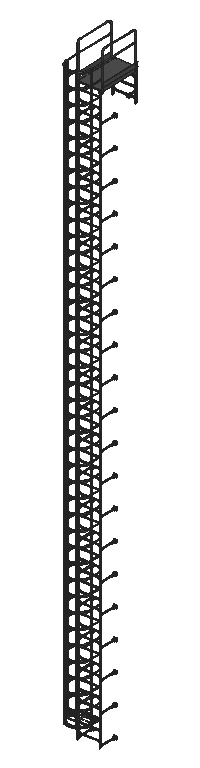
Revit family "BORGE_Вертикальная пожарная лестница_П-2", category Обобщенные модели, Revit 2019 (continued)
Definition of nested family "SHD_BORGE_Площадка переходная_П-2"
  Automatic sketch dimensions
    radius of Sweep 2 sketch curve = 16.494 mm
    radius of Extrusion 3 sketch curve = 15.963 mm
    radius of Extrusion 4 sketch curve = 15.963 mm
    radius of Sweep 14 sketch curve = 16 mm
Definition of nested family "SHD_BORGE_Секция пожарной лестницы"
  Parameters (values of type "Секция пожарной лестницы")
    Manufacturer = "ООО «Борге», ООО «Бипро»"  # constant formula
    Vis_3 [instance] = if(Code1 > 2, 1 = 1, 1 = 0)  # yes
    Vis_2 [instance] = if(Code1 > 1, 1 = 1, 1 = 0)  # yes
    Vis_1 [instance] = if(Code1 > 0, 1 = 1, 1 = 0)  # yes
    URL = "https://borge.ru/"
    LT = "BORGE_Секция пожарной лестницы"  # constant formula
    H [instance] = if(Code1 = 1, 1000 mm, if(Code1 = 2, 2000 mm, 3000 mm))  # 3000 mm
    Code2 [instance] = 64
    Code1 [instance] = size_lookup(LT, "Code1", 1, Code2)  # 3
    ADSK_Размер_Высота [instance] = H  # 3000 mm
    ADSK_Примечание [instance] = ""
    ADSK_Позиция [instance] = ""
    ADSK_Обозначение [instance] = size_lookup(LT, "ADSK_Обозначение", "НЕ НАЙДЕНО", Code2)  # "08.113.30.08.01.000.3011"
    ADSK_Наименование краткое [instance] = "Секция пожарной лестницы"
    ADSK_Наименование [instance] = size_lookup(LT, "ADSK_Наименование", "НЕ НАЙДЕНО", Code2)  # "Секция пожарной лестницы BORGE 800, 3м, оцинк., коричнево-красный (RAL 3011), CZn"
    ADSK_Материал [instance] = none
    ADSK_Масса_Текст [instance] = if(Code1 = 1, "0.94", if(Code1 = 2, "1.4", "2"))  # "2"
    ADSK_Масса [instance] = if(Code1 = 1, 0.94, if(Code1 = 2, 1.4, 2))  # 2
    ADSK_Марка [instance] = ADSK_Обозначение  # "08.113.30.08.01.000.3011"
    ADSK_Количество [instance] = 1  # constant formula
    ADSK_Код изделия [instance] = ""
    ADSK_Завод-изготовитель [instance] = "ООО «Борге», ООО «Бипро»"  # constant formula
    ADSK_Единица измерения [instance] = "шт."  # constant formula
    ADSK_Группирование [instance] = ""
    ADSK_Версия семейства = "Rev1 2023-08"  # constant formula
    ADSK_URL страницы изделия = "https://borge.ru/products/fire-stairs/vertical_stairs/"
    ADSK_URL документации изделия = "https://borge.ru/products/fire-stairs/vertical_stairs/"
  Reference planes
    plane 1 "По центру (Вперед/Назад)": y = 0
    plane 2: z = 0
    plane 3 "По центру (Влево/Вправо)": x = 0
    plane 4: z = 3000
    plane 5: x = -400
    plane 6: x = 400
    plane 7: z = 3032
    plane 8: z = 3017
    plane 9: z = 166.512
    plane 10: z = 499.51
    plane 11: z = 832.509
    plane 12: z = 1165.507
    plane 13: z = 1498.506
    plane 14: z = 1831.504
    plane 15: z = 2164.503
    plane 16: z = 2497.501
    plane 17: z = 2830.5
  Forms (mm)
    Extrusion 1, solid, material <- "ADSK_Материал", detail levels fine
      sketch origin (0, 0, 0) x (1, 0, 0) y (0, 1, 0)
        loop
          arc (-400, -18.5) -> (-399.561, -19.561) -> (-398.5, -20) r 1.5
          line (-398.5, -20) -> (-376.506, -20)
          arc (-376.506, -20) -> (-375.441, -19.559) -> (-375, -18.494) r 1.506
          line (-375, -18.494) -> (-375, 18.5)
          arc (-375, 18.5) -> (-375.439, 19.561) -> (-376.5, 20) r 1.5
          line (-376.5, 20) -> (-398.5, 20)
          arc (-398.5, 20) -> (-399.561, 19.561) -> (-400, 18.5) r 1.5
          line (-400, 18.5) -> (-400, -18.5)
        loop
          arc (-398.5, -17.1) -> (-398.09, -18.09) -> (-397.1, -18.5) r 1.4
          line (-397.1, -18.5) -> (-377.925, -18.5)
          arc (-377.925, -18.5) -> (-376.917, -18.083) -> (-376.5, -17.075) r 1.425
          line (-376.5, -17.075) -> (-376.5, 17.127)
          arc (-376.5, 17.127) -> (-376.902, 18.098) -> (-377.873, 18.5) r 1.373
          line (-377.873, 18.5) -> (-397.1, 18.5)
          arc (-397.1, 18.5) -> (-398.09, 18.09) -> (-398.5, 17.1) r 1.4
          line (-398.5, 17.1) -> (-398.5, -17.1)
        loop
          line (400, -18.5) -> (400, 18.5)
          arc (400, 18.5) -> (399.561, 19.561) -> (398.5, 20) r 1.5
          line (398.5, 20) -> (376.5, 20)
          arc (376.5, 20) -> (375.439, 19.561) -> (375, 18.5) r 1.5
          line (375, 18.5) -> (375, -18.494)
          arc (375, -18.494) -> (375.441, -19.559) -> (376.506, -20) r 1.506
          line (376.506, -20) -> (398.5, -20)
          arc (398.5, -20) -> (399.561, -19.561) -> (400, -18.5) r 1.5
        loop
          line (398.5, -17.1) -> (398.5, 17.1)
          arc (398.5, 17.1) -> (398.09, 18.09) -> (397.1, 18.5) r 1.4
          line (397.1, 18.5) -> (377.873, 18.5)
          arc (377.873, 18.5) -> (376.902, 18.098) -> (376.5, 17.127) r 1.373
          line (376.5, 17.127) -> (376.5, -17.075)
          arc (376.5, -17.075) -> (376.917, -18.083) -> (377.925, -18.5) r 1.425
          line (377.925, -18.5) -> (397.1, -18.5)
          arc (397.1, -18.5) -> (398.09, -18.09) -> (398.5, -17.1) r 1.4
      from 0 to 3000
    Extrusion 2, solid, material <- "ADSK_Материал", visible <- "Vis_1", detail levels fine
      sketch origin (0, 0, 0) x (0, 1, 0) y (0, 0, 1)
        loop
          circle (0, 166.512) r 18.5
        loop
          circle (0, 499.51) r 18.5
        loop
          circle (0, 832.509) r 18.5
      from -400 to 400
    Extrusion 3, solid, material <- "ADSK_Материал", visible <- "Vis_2", detail levels fine
      sketch origin (0, 0, 999.063) x (0, 1, 0) y (0, 0, 1)
        loop
          circle (0, 166.445) r 18.5
        loop
          circle (0, 499.443) r 18.5
        loop
          circle (0, 832.442) r 18.5
      from -400 to 400
    Extrusion 4, solid, material <- "ADSK_Материал", visible <- "Vis_3", detail levels fine
      sketch origin (0, 0, 1998.045) x (0, 1, 0) y (0, 0, 1)
        loop
          circle (0, 166.458) r 18.5
        loop
          circle (0, 499.457) r 18.5
        loop
          circle (0, 832.455) r 18.5
      from -400 to 400
    Extrusion 5, solid, material <- "ADSK_Материал", detail levels fine
      sketch origin (0, 0, 0) x (1, 0, 0) y (0, 1, 0)
        loop
          line (-378.004, 16) -> (-378.004, 17.5) -> (-395.511, 17.5)
          arc (-395.511, 17.5) -> (-397.625, 16.625) -> (-398.5, 14.511) r 2.989
          line (-398.5, 14.511) -> (-398.5, -14.55)
          arc (-398.5, -14.55) -> (-397.636, -16.636) -> (-395.55, -17.5) r 2.95
          line (-395.55, -17.5) -> (-378.004, -17.5) -> (-378.004, -16) -> (-395.5, -16)
          arc (-395.5, -16) -> (-396.561, -15.561) -> (-397, -14.5) r 1.5
          line (-397, -14.5) -> (-397, 14.515)
          arc (-397, 14.515) -> (-396.565, 15.565) -> (-395.515, 16) r 1.485
          line (-395.515, 16) -> (-378.004, 16)
        loop
          line (378.004, 16) -> (395.515, 16)
          arc (395.515, 16) -> (396.565, 15.565) -> (397, 14.515) r 1.485
          line (397, 14.515) -> (397, -14.5)
          arc (397, -14.5) -> (396.561, -15.561) -> (395.5, -16) r 1.5
          line (395.5, -16) -> (378.004, -16) -> (378.004, -17.5) -> (395.55, -17.5)
          arc (395.55, -17.5) -> (397.636, -16.636) -> (398.5, -14.55) r 2.95
          line (398.5, -14.55) -> (398.5, 14.511)
          arc (398.5, 14.511) -> (397.625, 16.625) -> (395.511, 17.5) r 2.989
          line (395.511, 17.5) -> (378.004, 17.5) -> (378.004, 16)
      from 3000 to 3032
    Revolve 6, solid, material <- "ADSK_Материал", detail levels fine
      sketch origin (0, 0, 0) x (1, 0, 0) y (0, 0, 1)
        loop
          line (-355, 3017) -> (-355, 3021) -> (-373.4, 3021) -> (-373.4, 3025.5) -> (-375, 3025.5) -> (-375, 3021) -> (-400, 3021) -> (-400, 3017) -> (-355, 3017)
        loop
          line (355, 3017) -> (400, 3017) -> (400, 3021) -> (375, 3021) -> (375, 3025.5) -> (373.4, 3025.5) -> (373.4, 3021) -> (355, 3021) -> (355, 3017)
        axis (-400, 3017) -> (400, 3017)
      angle from 0 to 360
    Extrusion 7, solid, material <- "ADSK_Материал", detail levels fine
      sketch origin (0, 0, 0) x (0, 1, 0) y (0, 0, 1)
        loop
          line (0, 3024.506) -> (-6.5, 3020.753) -> (-6.5, 3013.247) -> (0, 3009.494) -> (6.5, 3013.247) -> (6.5, 3020.753) -> (0, 3024.506)
      from -373.4 to -366.9
    Extrusion 8, solid, material <- "ADSK_Материал", detail levels fine
      sketch origin (0, 0, 0) x (0, 1, 0) y (0, 0, -1)
        loop
          line (0, -3024.506) -> (6.5, -3020.753) -> (6.5, -3013.247) -> (0, -3009.494) -> (-6.5, -3013.247) -> (-6.5, -3020.753) -> (0, -3024.506)
      from -405.5 to -400
    Extrusion 9, solid, material <- "ADSK_Материал", detail levels fine
      sketch origin (0, 0, 0) x (0, 1, 0) y (0, 0, -1)
        loop
          line (0, -3024.506) -> (6.5, -3020.753) -> (6.5, -3013.247) -> (0, -3009.494) -> (-6.5, -3013.247) -> (-6.5, -3020.753) -> (0, -3024.506)
      from -373.4 to -366.9
    Extrusion 10, solid, material <- "ADSK_Материал", detail levels fine
      sketch origin (0, 0, 0) x (0, 1, 0) y (0, 0, 1)
        loop
          line (0, 3024.506) -> (-6.5, 3020.753) -> (-6.5, 3013.247) -> (0, 3009.494) -> (6.5, 3013.247) -> (6.5, 3020.753) -> (0, 3024.506)
      from -405.5 to -400
  Dimensions and locks
    "H": plane 4 to plane 2
    equal spacing: plane 6, plane 3 "По центру (Влево/Вправо)", plane 5
    locked: plane 6 to plane 5 at 800
    locked: plane 7 to plane 4 at 32
    locked: plane 7 to plane 8 at 15
    locked: plane 9 to plane 2 at 166.512
    equal spacing: plane 17, plane 16, plane 15, plane 14, plane 13, plane 12, plane 11, plane 10, plane 9
    aligned and locked: level to plane 2
    aligned and locked: plane 4 to Extrusion 1
    aligned and locked: Extrusion 1 to plane 2
    aligned and locked: Extrusion 2 to plane 5
    aligned and locked: plane 6 to Extrusion 2
    aligned and locked: Extrusion 5 to plane 4
    aligned and locked: plane 7 to Extrusion 5
    aligned and locked: plane 9 to Extrusion 2 sketch curve
    aligned and locked: plane 10 to Extrusion 2 sketch curve
    aligned and locked: plane 11 to Extrusion 2 sketch curve
    aligned and locked: plane 12 to Extrusion 3 sketch curve
    aligned and locked: plane 13 to Extrusion 3 sketch curve
    aligned and locked: plane 14 to Extrusion 3 sketch curve
    aligned and locked: plane 15 to Extrusion 4 sketch curve
    aligned and locked: plane 16 to Extrusion 4 sketch curve
    aligned and locked: plane 17 to Extrusion 4 sketch curve
  Automatic sketch dimensions
    Extrusion 1 sketch curve to plane 5 = 0 mm
    Extrusion 1 sketch curve to plane 6 = 0 mm
    plane 5 to Extrusion 1 sketch curve = 1.5 mm  (x2)
    Extrusion 1 sketch curve to Extrusion 1 sketch curve = 0 mm  (x3)
    Extrusion 1 sketch curve to Extrusion 1 sketch curve = 1.4 mm  (x3)
    Extrusion 1 sketch curve to Extrusion 1 sketch curve = 19.175 mm
    Extrusion 1 sketch curve to Extrusion 1 sketch curve = 19.227 mm
    Extrusion 1 sketch curve to Extrusion 1 sketch curve = 1.419 mm  (x2)
    Extrusion 1 sketch curve to Extrusion 1 sketch curve = 1.373 mm  (x5)
    Extrusion 1 sketch curve to Extrusion 1 sketch curve = 1.5 mm  (x2)
    Extrusion 1 sketch curve to Extrusion 1 sketch curve = 25 mm
    Extrusion 1 sketch curve to Extrusion 1 sketch curve = 1.506 mm
    Extrusion 1 sketch curve to Extrusion 1 sketch curve = 2.9 mm
    Extrusion 1 sketch curve to plane 6 = 2.9 mm
    Extrusion 1 sketch curve to plane 6 = 1.5 mm
    plane 1 "По центру (Вперед/Назад)" to Extrusion 1 sketch curve = 20 mm  (x2)
    Extrusion 1 sketch curve to Extrusion 1 sketch curve = 0.006 mm  (x2)
    Extrusion 1 sketch curve to plane 1 "По центру (Вперед/Назад)" = 17.1 mm  (x2)
    Extrusion 2 sketch curve to plane 1 "По центру (Вперед/Назад)" = 0 mm  (x3)
    Extrusion 3 sketch curve to plane 1 "По центру (Вперед/Назад)" = 0 mm  (x3)
    Extrusion 4 sketch curve to plane 1 "По центру (Вперед/Назад)" = 0 mm  (x3)
    plane 5 to Extrusion 5 sketch curve = 1.5 mm
    Extrusion 5 sketch curve to Extrusion 5 sketch curve = 1.5 mm
    Extrusion 5 sketch curve to Extrusion 5 sketch curve = 1.45 mm  (x4)
    Extrusion 5 sketch curve to Extrusion 5 sketch curve = 1.485 mm
    Extrusion 5 sketch curve to Extrusion 5 sketch curve = 0.004 mm  (x4)
    Extrusion 5 sketch curve to Extrusion 5 sketch curve = 0.05 mm  (x2)
    Extrusion 5 sketch curve to Extrusion 5 sketch curve = 17.496 mm
    Extrusion 5 sketch curve to Extrusion 5 sketch curve = 17.507 mm
    Extrusion 5 sketch curve to plane 6 = 21.996 mm  (x2)
    Extrusion 5 sketch curve to plane 6 = 4.5 mm
    Extrusion 5 sketch curve to plane 6 = 4.489 mm
    Extrusion 5 sketch curve to plane 6 = 1.5 mm
    plane 1 "По центру (Вперед/Назад)" to Extrusion 5 sketch curve = 17.5 mm  (x2)
    Extrusion 5 sketch curve to plane 1 "По центру (Вперед/Назад)" = 14.511 mm  (x2)
    Revolve 6 sketch curve to plane 8 = 0 mm  (x3)
    Revolve 6 sketch curve to plane 5 = 0 mm
    Revolve 6 sketch curve to plane 6 = 0 mm
    Revolve 6 sketch curve to plane 7 = 6.5 mm  (x2)
    plane 5 to Revolve 6 sketch curve = 25 mm
    Revolve 6 sketch curve to Revolve 6 sketch curve = 1.6 mm  (x2)
    Revolve 6 sketch curve to Revolve 6 sketch curve = 18.4 mm  (x2)
    plane 8 to Revolve 6 sketch curve = 4 mm  (x3)
    Revolve 6 sketch curve to Revolve 6 sketch curve = 45 mm
    Revolve 6 sketch curve to Revolve 6 sketch curve = 0 mm
    Revolve 6 sketch curve to plane 5 = 645.098 mm
    plane 6 to Revolve 6 sketch curve = 935.054 mm
    Extrusion 7 sketch curve to plane 1 "По центру (Вперед/Назад)" = 0 mm  (x2)
    plane 1 "По центру (Вперед/Назад)" to Extrusion 7 sketch curve = 6.5 mm
    Extrusion 7 sketch curve to plane 1 "По центру (Вперед/Назад)" = 6.5 mm
    Extrusion 7 sketch curve to plane 8 = 7.506 mm
    Extrusion 7 sketch curve to plane 8 = 3.753 mm  (x2)
    plane 8 to Extrusion 7 sketch curve = 3.753 mm  (x2)
    Extrusion 7 sketch curve to plane 7 = 7.494 mm
    Extrusion 8 sketch curve to plane 1 "По центру (Вперед/Назад)" = 0 mm  (x2)
    plane 1 "По центру (Вперед/Назад)" to Extrusion 8 sketch curve = 6.5 mm
    Extrusion 8 sketch curve to plane 1 "По центру (Вперед/Назад)" = 6.5 mm
    Extrusion 8 sketch curve to plane 7 = 7.494 mm
    plane 8 to Extrusion 8 sketch curve = 3.753 mm  (x2)
    Extrusion 8 sketch curve to plane 8 = 3.753 mm  (x2)
    Extrusion 8 sketch curve to Extrusion 8 sketch curve = 3.753 mm
    Extrusion 9 sketch curve to plane 1 "По центру (Вперед/Назад)" = 0 mm  (x2)
    plane 1 "По центру (Вперед/Назад)" to Extrusion 9 sketch curve = 6.5 mm
    Extrusion 9 sketch curve to plane 1 "По центру (Вперед/Назад)" = 6.5 mm
    Extrusion 9 sketch curve to plane 7 = 7.494 mm
    plane 8 to Extrusion 9 sketch curve = 3.753 mm  (x2)
    Extrusion 9 sketch curve to plane 8 = 3.753 mm  (x2)
    Extrusion 9 sketch curve to Extrusion 9 sketch curve = 3.753 mm
    Extrusion 10 sketch curve to plane 1 "По центру (Вперед/Назад)" = 0 mm  (x2)
    plane 1 "По центру (Вперед/Назад)" to Extrusion 10 sketch curve = 6.5 mm
    Extrusion 10 sketch curve to plane 1 "По центру (Вперед/Назад)" = 6.5 mm
    Extrusion 10 sketch curve to plane 8 = 7.506 mm
    Extrusion 10 sketch curve to plane 8 = 3.753 mm  (x2)
    plane 8 to Extrusion 10 sketch curve = 3.753 mm  (x2)
    Extrusion 10 sketch curve to plane 7 = 7.494 mm
    radius of Extrusion 2 sketch curve = 18.5 mm  (x3)
    radius of Extrusion 3 sketch curve = 18.5 mm  (x3)
    radius of Extrusion 4 sketch curve = 18.5 mm  (x3)
Definition of nested family "SHD_BORGE_Стеновой кронштейн"
  Parameters (values of type "Стеновой кронштейн")
    Manufacturer = "ООО «Борге», ООО «Бипро»"  # constant formula
    URL = "https://borge.ru/"
    LT = "BORGE_Стеновой кронштейн"  # constant formula
    L [instance] = if(Code1 = 1, 300 mm, if(Code1 = 2, 600 mm, 1000 mm))  # 1000 mm
    Code2 [instance] = 1
    Code1 [instance] = size_lookup(LT, "Code1", 1, Code2)  # 3
    ADSK_Размер_Длина [instance] = L + 47 mm  # 1047 mm
    ADSK_Примечание [instance] = ""
    ADSK_Позиция [instance] = ""
    ADSK_Обозначение [instance] = size_lookup(LT, "ADSK_Обозначение", "НЕ НАЙДЕНО", Code2)  # "08.104.10.01.01.000.9006"
    ADSK_Наименование краткое [instance] = "Стеновой кронштейн"
    ADSK_Наименование [instance] = size_lookup(LT, "ADSK_Наименование", "НЕ НАЙДЕНО", Code2)  # "Стеновой кронштейн BORGE для пожарной лестницы, 1000мм, оцинк., бело-алюминиевый (RAL 9006)"
    ADSK_Материал [instance] = none
    ADSK_Масса_Текст [instance] = if(Code1 = 1, "0.94", if(Code1 = 2, "1.4", "2"))  # "2"
    ADSK_Масса [instance] = if(Code1 = 1, 0.94, if(Code1 = 2, 1.4, 2))  # 2
    ADSK_Марка [instance] = ADSK_Обозначение  # "08.104.10.01.01.000.9006"
    ADSK_Количество [instance] = 1  # constant formula
    ADSK_Код изделия [instance] = ""
    ADSK_Завод-изготовитель [instance] = "ООО «Борге», ООО «Бипро»"  # constant formula
    ADSK_Единица измерения [instance] = "шт."  # constant formula
    ADSK_Группирование [instance] = ""
    ADSK_Версия семейства = "Rev1 2023-08"  # constant formula
    ADSK_URL страницы изделия = "https://borge.ru/products/fire-stairs/vertical_stairs/"
    ADSK_URL документации изделия = "https://borge.ru/products/fire-stairs/vertical_stairs/"
  Reference planes
    plane 1 "По центру (Вперед/Назад)": y = 0
    plane 2: z = 0
    plane 3 "По центру (Влево/Вправо)": x = 0
    plane 4: y = -1047.495
    plane 5: y = -1002.497
    plane 6: y = -2.497
    plane 7: y = -927.497
    plane 8: y = -1044.995
    plane 9: y = -138.997
    plane 10: y = -1024.996
  Forms (mm)
    Extrusion 1, solid, material <- "ADSK_Материал", detail levels fine
      sketch origin (0, 265, 0) x (0, 0, 1) y (1, 0, 0)
        loop
          arc (17.045, -11) -> (18.074, -10.574) -> (18.5, -9.545) r 1.455
          line (18.5, -9.545) -> (18.5, 9.51)
          arc (18.5, 9.51) -> (18.064, 10.564) -> (17.01, 11) r 1.49
          line (17.01, 11) -> (-17, 11)
          arc (-17, 11) -> (-18.061, 10.561) -> (-18.5, 9.5) r 1.5
          line (-18.5, 9.5) -> (-18.5, -9.5)
          arc (-18.5, -9.5) -> (-18.061, -10.561) -> (-17, -11) r 1.5
          line (-17, -11) -> (17.045, -11)
        loop
          arc (-20, -10.5) -> (-19.414, -11.914) -> (-18, -12.5) r 2
          line (-18, -12.5) -> (18, -12.5)
          arc (18, -12.5) -> (19.414, -11.914) -> (20, -10.5) r 2
          line (20, -10.5) -> (20, 10.5)
          arc (20, 10.5) -> (19.414, 11.914) -> (18, 12.5) r 2
          line (18, 12.5) -> (-18, 12.5)
          arc (-18, 12.5) -> (-19.414, 11.914) -> (-20, 10.5) r 2
          line (-20, 10.5) -> (-20, -10.5)
      from -1267.497 to -267.497
    Extrusion 2, solid, material <- "ADSK_Материал", detail levels fine
      sketch origin (0, 0, 0) x (0, 1, 0) y (0, 0, 1)
        loop
          line (0, 49.4) -> (-31.843, 49.4)
          arc (-31.843, 49.4) -> (-39.318, 48.082) -> (-45.891, 44.287) r 21.855
          line (-45.891, 44.287) -> (-57.509, 34.538)
          arc (-57.509, 34.538) -> (-59.792, 32.274) -> (-61.669, 29.664) r 19.375
          line (-61.669, 29.664) -> (-67.811, 19.428)
          arc (-67.811, 19.428) -> (-69.635, 17.649) -> (-72.098, 17) r 5
          line (-72.098, 17) -> (-138.997, 17) -> (-138.997, 0) -> (-138.997, -17) -> (-72.098, -17)
          arc (-72.098, -17) -> (-69.635, -17.649) -> (-67.811, -19.428) r 5
          line (-67.811, -19.428) -> (-61.669, -29.664)
          arc (-61.669, -29.664) -> (-59.792, -32.274) -> (-57.509, -34.538) r 19.375
          line (-57.509, -34.538) -> (-45.891, -44.287)
          arc (-45.891, -44.287) -> (-39.318, -48.082) -> (-31.843, -49.4) r 21.855
          line (-31.843, -49.4) -> (0, -49.4) -> (0, 0) -> (0, 49.4)
      from 12.5 to 14.5
    Extrusion 3, solid, material <- "ADSK_Материал", detail levels fine
      sketch origin (0, 0, 0) x (0, 1, 0) y (0, 0, -1)
        loop
          line (-1010.497, -45) -> (-1005.497, -40) -> (-1005.497, -19) -> (-1002.497, -19) -> (-1002.497, -17.01) -> (-927.497, -17.01) -> (-927.497, 0) -> (-927.497, 17.01) -> (-1002.497, 17.01) -> (-1002.497, 19) -> (-1005.497, 19) -> (-1005.497, 40) -> (-1010.497, 45) -> (-1047.495, 45) -> (-1047.495, 0) -> (-1047.495, -45) -> (-1010.497, -45)
      from 12.5 to 14.5
    Extrusion 4, solid, material <- "ADSK_Материал", detail levels fine
      sketch origin (0, 265, 0) x (0, 0, 1) y (1, 0, 0)
        loop
          line (49.4, -55.497) -> (49.4, -12.5) -> (-49.4, -12.5) -> (-49.4, -55.497) -> (49.4, -55.497)
        loop
          line (49.4, 55.497) -> (-49.4, 55.497) -> (-49.4, 12.5) -> (49.4, 12.5) -> (49.4, 55.497)
        loop
          circle (27.491, -35.463) r 5.522
        loop
          circle (-27.491, -35.463) r 5.522
        loop
          circle (27.491, 35.463) r 5.522
        loop
          circle (-27.491, 35.463) r 5.522
      from -267 to -265
    Extrusion 5, solid, material <- "ADSK_Материал", detail levels fine
      sketch origin (0, 265, 0) x (0, 0, 1) y (1, 0, 0)
        loop
          line (-22.25, -0.506) -> (-22.25, -10.5)
          arc (-22.25, -10.5) -> (-21.078, -13.328) -> (-18.25, -14.5) r 4
          line (-18.25, -14.5) -> (0, -14.5) -> (18.25, -14.5)
          arc (18.25, -14.5) -> (21.078, -13.328) -> (22.25, -10.5) r 4
          line (22.25, -10.5) -> (22.25, -0.506) -> (20.25, -0.506) -> (20.25, -10.5)
          arc (20.25, -10.5) -> (19.664, -11.914) -> (18.25, -12.5) r 2
          line (18.25, -12.5) -> (0, -12.5) -> (-18.25, -12.5)
          arc (-18.25, -12.5) -> (-19.664, -11.914) -> (-20.25, -10.5) r 2
          line (-20.25, -10.5) -> (-20.25, -0.506) -> (-22.25, -0.506)
        loop
          line (-22.25, 0.506) -> (-20.25, 0.506) -> (-20.25, 10.5)
          arc (-20.25, 10.5) -> (-19.664, 11.914) -> (-18.25, 12.5) r 2
          line (-18.25, 12.5) -> (0, 12.5) -> (18.25, 12.5)
          arc (18.25, 12.5) -> (19.664, 11.914) -> (20.25, 10.5) r 2
          line (20.25, 10.5) -> (20.25, 0.506) -> (22.25, 0.506) -> (22.25, 10.5)
          arc (22.25, 10.5) -> (21.078, 13.328) -> (18.25, 14.5) r 4
          line (18.25, 14.5) -> (0, 14.5) -> (-18.25, 14.5)
          arc (-18.25, 14.5) -> (-21.078, 13.328) -> (-22.25, 10.5) r 4
          line (-22.25, 10.5) -> (-22.25, 0.506)
      from -403.997 to -336.828
    Extrusion 6, solid, material <- "ADSK_Материал", detail levels fine
      sketch origin (0, 265, 0) x (0, 0, 1) y (1, 0, 0)
        loop
          line (-22.25, -0.506) -> (-22.25, -10.5)
          arc (-22.25, -10.5) -> (-21.078, -13.328) -> (-18.25, -14.5) r 4
          line (-18.25, -14.5) -> (0, -14.5) -> (18.25, -14.5)
          arc (18.25, -14.5) -> (21.078, -13.328) -> (22.25, -10.5) r 4
          line (22.25, -10.5) -> (22.25, -0.506) -> (20.25, -0.506) -> (20.25, -10.5)
          arc (20.25, -10.5) -> (19.664, -11.914) -> (18.25, -12.5) r 2
          line (18.25, -12.5) -> (0, -12.5) -> (-18.25, -12.5)
          arc (-18.25, -12.5) -> (-19.664, -11.914) -> (-20.25, -10.5) r 2
          line (-20.25, -10.5) -> (-20.25, -0.506) -> (-22.25, -0.506)
        loop
          line (-22.25, 0.506) -> (-20.25, 0.506) -> (-20.25, 10.5)
          arc (-20.25, 10.5) -> (-19.664, 11.914) -> (-18.25, 12.5) r 2
          line (-18.25, 12.5) -> (0, 12.5) -> (18.25, 12.5)
          arc (18.25, 12.5) -> (19.664, 11.914) -> (20.25, 10.5) r 2
          line (20.25, 10.5) -> (20.25, 0.506) -> (22.25, 0.506) -> (22.25, 10.5)
          arc (22.25, 10.5) -> (21.078, 13.328) -> (18.25, 14.5) r 4
          line (18.25, 14.5) -> (0, 14.5) -> (-18.25, 14.5)
          arc (-18.25, 14.5) -> (-21.078, 13.328) -> (-22.25, 10.5) r 4
          line (-22.25, 10.5) -> (-22.25, 0.506)
      from -1267.497 to -1192.497
    Extrusion 7, solid, material <- "ADSK_Материал", detail levels fine
      sketch origin (0, 0, 0) x (0, 1, 0) y (0, 0, 1)
        loop
          circle (-30.954, 0) r 4.515
        loop
          circle (-80.954, 0) r 4.515
        loop
          circle (-118.954, 0) r 4.515
      from -20 to 30.5
    Extrusion 8, solid, material <- "ADSK_Материал", detail levels fine
      sketch origin (0, 0, 0) x (0, 1, 0) y (0, 0, 1)
        loop
          line (-30.997, 7.506) -> (-37.497, 3.753) -> (-37.497, -3.753) -> (-30.997, -7.506) -> (-24.497, -3.753) -> (-24.497, 3.753) -> (-30.997, 7.506)
        loop
          line (-80.997, 7.506) -> (-87.497, 3.753) -> (-87.497, -3.753) -> (-80.997, -7.506) -> (-74.497, -3.753) -> (-74.497, 3.753) -> (-80.997, 7.506)
        loop
          line (-119.011, 7.506) -> (-125.511, 3.753) -> (-125.511, -3.753) -> (-119.011, -7.506) -> (-112.511, -3.753) -> (-112.511, 3.753) -> (-119.011, 7.506)
      from -20 to -14.5
    Extrusion 9, solid, material <- "ADSK_Материал", detail levels fine
      sketch origin (0, 0, 0) x (0, 1, 0) y (0, 0, 1)
        loop
          circle (-30.997, 0) r 8.5
        loop
          circle (-80.997, 0) r 8.5
        loop
          circle (-119.009, 0) r 8.5
      from 14.5 to 16.1
    Extrusion 10, solid, material <- "ADSK_Материал", detail levels fine
      sketch origin (0, 0, 0) x (0, 1, 0) y (0, 0, 1)
        loop
          line (-30.997, 7.506) -> (-37.497, 3.753) -> (-37.497, -3.753) -> (-30.997, -7.506) -> (-24.497, -3.753) -> (-24.497, 3.753) -> (-30.997, 7.506)
        loop
          line (-80.997, 7.506) -> (-87.497, 3.753) -> (-87.497, -3.753) -> (-80.997, -7.506) -> (-74.497, -3.753) -> (-74.497, 3.753) -> (-80.997, 7.506)
        loop
          line (-119.011, 7.506) -> (-125.511, 3.753) -> (-125.511, -3.753) -> (-119.011, -7.506) -> (-112.511, -3.753) -> (-112.511, 3.753) -> (-119.011, 7.506)
      from 16.1 to 22.6
    Extrusion 11, solid, material <- "ADSK_Материал", detail levels fine
      sketch origin (0, 0, 0) x (1, 0, 0) y (0, 1, 0)
        loop
          line (-12.5, -1047.495) -> (-1.002, -1047.495) -> (-1.002, -1044.995) -> (-12.5, -1044.995) -> (-12.5, -1047.495)
        loop
          line (12.5, -1047.495) -> (12.5, -1044.995) -> (1.002, -1044.995) -> (1.002, -1047.495) -> (12.5, -1047.495)
      from -44.721 to 44.721
    Extrusion 12, solid, material <- "ADSK_Материал", detail levels fine
      sketch origin (0, 0, 0) x (0, 1, 0) y (0, 0, -1)
        loop
          line (0, -49.4) -> (0, 0) -> (0, 49.4) -> (-31.843, 49.4)
          arc (-31.843, 49.4) -> (-39.318, 48.082) -> (-45.891, 44.287) r 21.855
          line (-45.891, 44.287) -> (-57.509, 34.538)
          arc (-57.509, 34.538) -> (-59.792, 32.274) -> (-61.669, 29.664) r 19.375
          line (-61.669, 29.664) -> (-67.811, 19.428)
          arc (-67.811, 19.428) -> (-69.635, 17.649) -> (-72.098, 17) r 5
          line (-72.098, 17) -> (-138.997, 17) -> (-138.997, 0) -> (-138.997, -17) -> (-72.098, -17)
          arc (-72.098, -17) -> (-69.635, -17.649) -> (-67.811, -19.428) r 5
          line (-67.811, -19.428) -> (-61.669, -29.664)
          arc (-61.669, -29.664) -> (-59.792, -32.274) -> (-57.509, -34.538) r 19.375
          line (-57.509, -34.538) -> (-45.891, -44.287)
          arc (-45.891, -44.287) -> (-39.318, -48.082) -> (-31.843, -49.4) r 21.855
          line (-31.843, -49.4) -> (0, -49.4)
      from 12.5 to 14.5
    Extrusion 13, solid, material <- "ADSK_Материал", detail levels fine
      sketch origin (0, 0, 0) x (0, 1, 0) y (0, 0, 1)
        loop
          line (-1010.497, 45) -> (-1047.495, 45) -> (-1047.495, 0) -> (-1047.495, -45) -> (-1010.497, -45) -> (-1005.497, -40) -> (-1005.497, -19) -> (-1002.497, -19) -> (-1002.497, -17.01) -> (-927.497, -17.01) -> (-927.497, 0) -> (-927.497, 17.01) -> (-1002.497, 17.01) -> (-1002.497, 19) -> (-1005.497, 19) -> (-1005.497, 40) -> (-1010.497, 45)
      from 12.5 to 14.5
    Extrusion 14, solid, material <- "ADSK_Материал", detail levels fine
      sketch origin (0, -213.214, 0) x (0, 1, 0) y (0, 0, 1)
        loop
          line (-730.997, 7.506) -> (-737.497, 3.753) -> (-737.497, -3.753) -> (-730.997, -7.506) -> (-724.497, -3.753) -> (-724.497, 3.753) -> (-730.997, 7.506)
        loop
          line (-769.435, 7.506) -> (-775.935, 3.753) -> (-775.935, -3.753) -> (-769.435, -7.506) -> (-762.935, -3.753) -> (-762.935, 3.753) -> (-769.435, 7.506)
        loop
          line (-811.355, 7.506) -> (-817.855, 3.753) -> (-817.855, -3.753) -> (-811.355, -7.506) -> (-804.855, -3.753) -> (-804.855, 3.753) -> (-811.355, 7.506)
      from -20 to -14.5
    Extrusion 15, solid, material <- "ADSK_Материал", detail levels fine
      sketch origin (0, -201.498, 0) x (0, 1, 0) y (0, 0, 1)
        loop
          circle (-742.829, 0) r 4.515
        loop
          circle (-780.954, 0) r 4.515
        loop
          circle (-822.86, 0) r 4.515
      from -20 to 30.5
    Extrusion 16, solid, material <- "ADSK_Материал", detail levels fine
      sketch origin (0, -213.214, 0) x (0, 1, 0) y (0, 0, 1)
        loop
          line (-730.997, 7.506) -> (-737.497, 3.753) -> (-737.497, -3.753) -> (-730.997, -7.506) -> (-724.497, -3.753) -> (-724.497, 3.753) -> (-730.997, 7.506)
        loop
          line (-769.122, 7.506) -> (-775.622, 3.753) -> (-775.622, -3.753) -> (-769.122, -7.506) -> (-762.622, -3.753) -> (-762.622, 3.753) -> (-769.122, 7.506)
        loop
          line (-811.199, 7.506) -> (-817.699, 3.753) -> (-817.699, -3.753) -> (-811.199, -7.506) -> (-804.699, -3.753) -> (-804.699, 3.753) -> (-811.199, 7.506)
      from 16.1 to 22.6
    Extrusion 17, solid, material <- "ADSK_Материал", detail levels fine
      sketch origin (0, -205.475, 0) x (0, 1, 0) y (0, 0, 1)
        loop
          circle (-739.044, 0) r 8.5
        loop
          circle (-777.013, 0) r 8.5
        loop
          circle (-819.009, 0) r 8.5
      from 14.5 to 16.1
  Dimensions and locks
    locked: plane 1 "По центру (Вперед/Назад)" to plane 6 at 2.497
    "L": plane 6 to plane 5
    locked: plane 5 to plane 4 at 44.998
    locked: plane 7 to plane 5 at 75
    locked: plane 8 to plane 4 at 2.5
    plane 6 to plane 9 = 136.5 mm
    equal spacing: plane 5, plane 10, plane 4
    aligned and locked: level to plane 2
    aligned and locked: Extrusion 1 to plane 5
    aligned and locked: plane 6 to Extrusion 1
    aligned and locked: Extrusion 4 to plane 1 "По центру (Вперед/Назад)"
    aligned and locked: plane 7 to Extrusion 6
    aligned and locked: Extrusion 6 to plane 5
  Automatic sketch dimensions
    Extrusion 1 sketch curve to level = 20 mm
    Extrusion 1 sketch curve to Extrusion 1 sketch curve = 1.5 mm  (x2)
    Extrusion 1 sketch curve to Extrusion 1 sketch curve = 0.5 mm  (x4)
    Extrusion 1 sketch curve to Extrusion 1 sketch curve = 2 mm
    Extrusion 1 sketch curve to Extrusion 1 sketch curve = 1 mm  (x2)
    level to Extrusion 1 sketch curve = 17.01 mm
    level to Extrusion 1 sketch curve = 17.045 mm
    Extrusion 1 sketch curve to Extrusion 1 sketch curve = 0.99 mm
    Extrusion 1 sketch curve to Extrusion 1 sketch curve = 0.955 mm
    Extrusion 1 sketch curve to plane 3 "По центру (Влево/Вправо)" = 12.5 mm
    plane 3 "По центру (Влево/Вправо)" to Extrusion 1 sketch curve = 9.5 mm
    Extrusion 2 sketch curve to plane 9 = 0 mm
    Extrusion 2 sketch curve to plane 1 "По центру (Вперед/Назад)" = 0 mm
    Extrusion 2 sketch curve to level = 0 mm  (x2)
    level to Extrusion 2 sketch curve = 22 mm
    plane 9 to Extrusion 2 sketch curve = 66.899 mm
    Extrusion 2 sketch curve to level = 17 mm
    Extrusion 2 sketch curve to Extrusion 2 sketch curve = 0 mm
    level to Extrusion 2 sketch curve = 19.428 mm
    Extrusion 2 sketch curve to Extrusion 2 sketch curve = 4.287 mm  (x2)
    Extrusion 2 sketch curve to level = 19.428 mm
    Extrusion 2 sketch curve to Extrusion 2 sketch curve = 6.142 mm  (x2)
    level to Extrusion 2 sketch curve = 34.538 mm
    Extrusion 2 sketch curve to Extrusion 2 sketch curve = 4.16 mm  (x2)
    Extrusion 2 sketch curve to level = 34.538 mm
    Extrusion 2 sketch curve to Extrusion 2 sketch curve = 11.618 mm  (x2)
    Extrusion 2 sketch curve to Extrusion 2 sketch curve = 12.454 mm  (x2)
    Extrusion 2 sketch curve to Extrusion 2 sketch curve = 13.212 mm
    Extrusion 2 sketch curve to Extrusion 2 sketch curve = 14.048 mm
    Extrusion 2 sketch curve to Extrusion 2 sketch curve = 9.749 mm  (x2)
    Extrusion 2 sketch curve to Extrusion 2 sketch curve = 5.113 mm
    Extrusion 2 sketch curve to Extrusion 2 sketch curve = 4.874 mm
    Extrusion 2 sketch curve to Extrusion 2 sketch curve = 14.842 mm
    Extrusion 2 sketch curve to Extrusion 2 sketch curve = 7.85 mm
    Extrusion 3 sketch curve to level = 0 mm  (x2)
    Extrusion 3 sketch curve to plane 4 = 0 mm
    Extrusion 3 sketch curve to plane 5 = 0 mm  (x2)
    Extrusion 3 sketch curve to plane 7 = 0 mm
    Extrusion 3 sketch curve to plane 5 = 8 mm  (x2)
    Extrusion 3 sketch curve to plane 5 = 3 mm  (x2)
    level to Extrusion 3 sketch curve = 17.01 mm
    Extrusion 3 sketch curve to Extrusion 3 sketch curve = 1.99 mm  (x2)
    Extrusion 3 sketch curve to Extrusion 3 sketch curve = 21 mm  (x2)
    Extrusion 3 sketch curve to Extrusion 3 sketch curve = 5 mm  (x2)
    Extrusion 3 sketch curve to level = 17.01 mm
    Extrusion 4 sketch curve to level = 49.4 mm
    plane 3 "По центру (Влево/Вправо)" to Extrusion 4 sketch curve = 12.5 mm
    Extrusion 4 sketch curve to Extrusion 4 sketch curve = 0 mm
    Extrusion 4 sketch curve to level = 27.491 mm  (x2)
    level to Extrusion 4 sketch curve = 27.491 mm  (x2)
    Extrusion 4 sketch curve to Extrusion 4 sketch curve = 21.909 mm  (x2)
    Extrusion 4 sketch curve to plane 3 "По центру (Влево/Вправо)" = 12.5 mm
    Extrusion 4 sketch curve to Extrusion 4 sketch curve = 22.963 mm  (x4)
    Extrusion 4 sketch curve to Extrusion 4 sketch curve = 20.034 mm  (x2)
    Extrusion 5 sketch curve to Extrusion 5 sketch curve = 0 mm  (x9)
    Extrusion 5 sketch curve to level = 0 mm  (x4)
    Extrusion 5 sketch curve to Extrusion 5 sketch curve = 18.25 mm  (x2)
    Extrusion 5 sketch curve to Extrusion 5 sketch curve = 2 mm  (x5)
    plane 3 "По центру (Влево/Вправо)" to Extrusion 5 sketch curve = 0.506 mm  (x2)
    level to Extrusion 5 sketch curve = 18.25 mm  (x2)
    Extrusion 5 sketch curve to plane 3 "По центру (Влево/Вправо)" = 0.506 mm  (x2)
    Extrusion 5 sketch curve to Extrusion 5 sketch curve = 9.994 mm  (x2)
    Extrusion 6 sketch curve to Extrusion 6 sketch curve = 0 mm  (x9)
    Extrusion 6 sketch curve to level = 0 mm  (x4)
    Extrusion 6 sketch curve to Extrusion 6 sketch curve = 18.25 mm  (x2)
    Extrusion 6 sketch curve to Extrusion 6 sketch curve = 2 mm  (x5)
    plane 3 "По центру (Влево/Вправо)" to Extrusion 6 sketch curve = 0.506 mm  (x2)
    level to Extrusion 6 sketch curve = 18.25 mm  (x2)
    Extrusion 6 sketch curve to plane 3 "По центру (Влево/Вправо)" = 0.506 mm  (x2)
    Extrusion 6 sketch curve to Extrusion 6 sketch curve = 9.994 mm  (x2)
    Extrusion 7 sketch curve to level = 0 mm  (x3)
    plane 9 to Extrusion 7 sketch curve = 20.043 mm
    Extrusion 7 sketch curve to Extrusion 7 sketch curve = 38 mm
    Extrusion 7 sketch curve to plane 6 = 28.457 mm
    Extrusion 8 sketch curve to level = 3.753 mm  (x6)
    plane 9 to Extrusion 8 sketch curve = 13.486 mm
    Extrusion 8 sketch curve to level = 7.506 mm  (x3)
    Extrusion 8 sketch curve to Extrusion 8 sketch curve = 6.5 mm  (x9)
    level to Extrusion 8 sketch curve = 7.506 mm  (x3)
    Extrusion 8 sketch curve to Extrusion 8 sketch curve = 25.014 mm
    level to Extrusion 8 sketch curve = 3.753 mm  (x6)
    Extrusion 8 sketch curve to plane 6 = 35 mm
    Extrusion 9 sketch curve to level = 0 mm  (x3)
    plane 9 to Extrusion 9 sketch curve = 19.988 mm
    Extrusion 9 sketch curve to Extrusion 9 sketch curve = 38.012 mm
    Extrusion 9 sketch curve to plane 6 = 28.5 mm
    Extrusion 11 sketch curve to plane 4 = 0 mm  (x2)
    Extrusion 11 sketch curve to plane 8 = 0 mm  (x2)
    Extrusion 11 sketch curve to plane 3 "По центру (Влево/Вправо)" = 12.5 mm
    Extrusion 11 sketch curve to plane 3 "По центру (Влево/Вправо)" = 1.002 mm
    plane 3 "По центру (Влево/Вправо)" to Extrusion 11 sketch curve = 1.002 mm
    Extrusion 11 sketch curve to Extrusion 11 sketch curve = 11.498 mm
    Extrusion 12 sketch curve to plane 9 = 0 mm
    Extrusion 12 sketch curve to plane 1 "По центру (Вперед/Назад)" = 0 mm
    Extrusion 12 sketch curve to level = 0 mm  (x2)
    level to Extrusion 12 sketch curve = 22 mm
    plane 9 to Extrusion 12 sketch curve = 66.899 mm
    Extrusion 12 sketch curve to level = 17 mm
    Extrusion 12 sketch curve to Extrusion 12 sketch curve = 0 mm
    level to Extrusion 12 sketch curve = 19.428 mm
    Extrusion 12 sketch curve to Extrusion 12 sketch curve = 4.287 mm  (x2)
    Extrusion 12 sketch curve to level = 19.428 mm
    Extrusion 12 sketch curve to Extrusion 12 sketch curve = 6.142 mm  (x2)
    level to Extrusion 12 sketch curve = 34.538 mm
    Extrusion 12 sketch curve to Extrusion 12 sketch curve = 4.16 mm  (x2)
    Extrusion 12 sketch curve to level = 34.538 mm
    Extrusion 12 sketch curve to Extrusion 12 sketch curve = 11.618 mm  (x2)
    Extrusion 12 sketch curve to Extrusion 12 sketch curve = 12.454 mm
    Extrusion 12 sketch curve to Extrusion 12 sketch curve = 16.614 mm
    Extrusion 12 sketch curve to Extrusion 12 sketch curve = 13.212 mm
    Extrusion 12 sketch curve to Extrusion 12 sketch curve = 14.048 mm
    Extrusion 12 sketch curve to Extrusion 12 sketch curve = 9.749 mm  (x2)
    Extrusion 12 sketch curve to Extrusion 12 sketch curve = 5.113 mm
    Extrusion 12 sketch curve to Extrusion 12 sketch curve = 4.874 mm
    Extrusion 12 sketch curve to Extrusion 12 sketch curve = 14.842 mm
    Extrusion 12 sketch curve to Extrusion 12 sketch curve = 7.85 mm
    Extrusion 13 sketch curve to level = 0 mm  (x2)
    Extrusion 13 sketch curve to plane 4 = 0 mm
    Extrusion 13 sketch curve to plane 5 = 0 mm  (x2)
    Extrusion 13 sketch curve to plane 7 = 0 mm
    Extrusion 13 sketch curve to plane 5 = 8 mm  (x2)
    Extrusion 13 sketch curve to plane 5 = 3 mm  (x2)
    Extrusion 13 sketch curve to level = 17.01 mm
    Extrusion 13 sketch curve to Extrusion 13 sketch curve = 1.99 mm  (x2)
    Extrusion 13 sketch curve to Extrusion 13 sketch curve = 21 mm  (x2)
    Extrusion 13 sketch curve to Extrusion 13 sketch curve = 5 mm  (x2)
    level to Extrusion 13 sketch curve = 17.01 mm
    Extrusion 14 sketch curve to level = 3.753 mm  (x6)
    plane 8 to Extrusion 14 sketch curve = 13.926 mm
    Extrusion 14 sketch curve to level = 7.506 mm  (x3)
    Extrusion 14 sketch curve to Extrusion 14 sketch curve = 6.5 mm  (x9)
    level to Extrusion 14 sketch curve = 7.506 mm  (x3)
    plane 5 to Extrusion 14 sketch curve = 13.348 mm
    Extrusion 14 sketch curve to plane 7 = 23.214 mm
    level to Extrusion 14 sketch curve = 3.753 mm  (x6)
    Extrusion 15 sketch curve to level = 0 mm  (x3)
    plane 8 to Extrusion 15 sketch curve = 20.637 mm
    plane 5 to Extrusion 15 sketch curve = 20.045 mm
    Extrusion 15 sketch curve to plane 7 = 16.83 mm
    Extrusion 16 sketch curve to level = 3.753 mm  (x6)
    plane 8 to Extrusion 16 sketch curve = 14.082 mm
    Extrusion 16 sketch curve to level = 7.506 mm  (x3)
    Extrusion 16 sketch curve to Extrusion 16 sketch curve = 6.5 mm  (x9)
    level to Extrusion 16 sketch curve = 7.506 mm  (x3)
    plane 5 to Extrusion 16 sketch curve = 13.661 mm
    Extrusion 16 sketch curve to plane 7 = 23.214 mm
    level to Extrusion 16 sketch curve = 3.753 mm  (x6)
    Extrusion 17 sketch curve to level = 0 mm  (x3)
    plane 8 to Extrusion 17 sketch curve = 20.511 mm
    plane 5 to Extrusion 17 sketch curve = 20.009 mm
    Extrusion 17 sketch curve to plane 7 = 17.022 mm
    radius of Extrusion 4 sketch curve = 5.522 mm  (x4)
    radius of Extrusion 7 sketch curve = 4.515 mm  (x3)
    radius of Extrusion 9 sketch curve = 8.5 mm  (x3)
    radius of Extrusion 15 sketch curve = 4.515 mm  (x3)
    radius of Extrusion 17 sketch curve = 8.5 mm  (x3)
Definition of nested family "SHD_BORGE_Вертикальное ограждение лестницы"
  Parameters (values of type "Вертикальное ограждение")
    Нижняя направляющие_Высота [instance] = 450 mm
    Manufacturer = "ООО «Борге», ООО «Бипро»"  # constant formula
    Верхняя дуга_Видимость [instance] = yes
    Верхние направляющие_Высота [instance] = 496.58 mm
    Верхние направляющие_Видимость [instance] = yes
    URL = "https://borge.ru/"
    LT = "BORGE_Вертикальное ограждение"  # constant formula
    Code2 [instance] = 1
    Code1 = 1  # constant formula
    ADSK_Размер_Высота = 1047 mm  # constant formula
    ADSK_Примечание [instance] = ""
    ADSK_Позиция [instance] = ""
    ADSK_Обозначение [instance] = size_lookup(LT, "ADSK_Обозначение", "НЕ НАЙДЕНО", Code2)  # "08.102.08.08.10.000.9006"
    ADSK_Наименование краткое [instance] = "Вертикальное ограждение"
    ADSK_Наименование [instance] = size_lookup(LT, "ADSK_Наименование", "НЕ НАЙДЕНО", Code2)  # "Верт. ограждение пожарной лестницы BORGE, оцинк., секция 1м, бело-алюминиевый (RAL 9006)"
    ADSK_Материал [instance] = none
    ADSK_Масса_Текст [instance] = "7.8"  # constant formula
    ADSK_Масса [instance] = 7.8  # constant formula
    ADSK_Марка [instance] = ADSK_Обозначение  # "08.102.08.08.10.000.9006"
    ADSK_Количество [instance] = 1  # constant formula
    ADSK_Код изделия [instance] = ""
    ADSK_Завод-изготовитель [instance] = "ООО «Борге», ООО «Бипро»"  # constant formula
    ADSK_Единица измерения [instance] = "шт."  # constant formula
    ADSK_Группирование [instance] = ""
    ADSK_Версия семейства = "Rev1 2023-08"  # constant formula
    ADSK_URL страницы изделия = "https://borge.ru/products/fire-stairs/vertical_stairs/"
    ADSK_URL документации изделия = "https://borge.ru/products/fire-stairs/vertical_stairs/"
  Reference planes
    plane 1 "По центру (Вперед/Назад)": y = 0
    plane 2: z = 0
    plane 3 "По центру (Влево/Вправо)": x = 0
    plane 4: z = 50.613
    plane 5: z = 508.913
    plane 6: z = 550.113
    plane 7: z = 1046.693
    plane 8: z = 9.413
    plane 9: z = 450
  Forms (mm)
    Sweep 1, solid, material <- "ADSK_Материал", detail levels fine
      path origin (-1021.785, -1524, 9.413) x (-1, 0, 0) y (0, -1, 0)
        loop
          line (-1422.015, -1524.014) -> (-1422.013, -1092.911)
          arc (-1422.013, -1092.911) -> (-1022.012, -692.915) -> (-622.016, -1092.916) r 399.998
          line (-622.016, -1092.916) -> (-622.019, -1524.014)
      profile origin (-399.767, -215.535, 9.413) x (-1, 0.000006, 0) y (0, 0, 1)
        loop
          line (12.852, 0) -> (12.852, 1.9) -> (3.76, 1.9)
          arc (3.76, 1.9) -> (2.445, 2.445) -> (1.9, 3.76) r 1.86
          line (1.9, 3.76) -> (1.9, 37.415)
          arc (1.9, 37.415) -> (2.452, 38.748) -> (3.785, 39.3) r 1.885
          line (3.785, 39.3) -> (12.852, 39.3) -> (12.852, 41.2) -> (3.764, 41.2)
          arc (3.764, 41.2) -> (1.102, 40.098) -> (0, 37.436) r 3.764
          line (0, 37.436) -> (0, 3.775)
          arc (0, 3.775) -> (1.106, 1.106) -> (3.775, 0) r 3.775
          line (3.775, 0) -> (12.852, 0)
    Sweep 2, solid, material <- "ADSK_Материал", visible <- "Верхняя дуга_Видимость", detail levels fine
      path origin (-1021.785, -1524, 508.913) x (-1, 0, 0) y (0, -1, 0)
        loop
          line (-1422.015, -1524.014) -> (-1422.013, -1092.911)
          arc (-1422.013, -1092.911) -> (-1022.012, -692.915) -> (-622.016, -1092.916) r 399.998
          line (-622.016, -1092.916) -> (-622.019, -1524.014)
      profile origin (-399.767, -215.535, 508.913) x (-1, 0.000006, 0) y (0, 0, 1)
        loop
          line (12.852, 0) -> (12.852, 1.9) -> (3.76, 1.9)
          arc (3.76, 1.9) -> (2.445, 2.445) -> (1.9, 3.76) r 1.86
          line (1.9, 3.76) -> (1.9, 37.415)
          arc (1.9, 37.415) -> (2.452, 38.748) -> (3.785, 39.3) r 1.885
          line (3.785, 39.3) -> (12.852, 39.3) -> (12.852, 41.2) -> (3.764, 41.2)
          arc (3.764, 41.2) -> (1.102, 40.098) -> (0, 37.436) r 3.764
          line (0, 37.436) -> (0, 3.775)
          arc (0, 3.775) -> (1.106, 1.106) -> (3.775, 0) r 3.775
          line (3.775, 0) -> (12.852, 0)
  Dimensions and locks
    locked: plane 4 to plane 2 at 50.613
    locked: plane 6 to plane 5 at 41.2
    locked: plane 4 to plane 8 at 41.2
    "Верхние направляющие_Высота": plane 7 to plane 6
    locked: plane 5 to plane 2 at 508.913
    "Нижняя направляющие_Высота": plane 9 to plane 2
    aligned and locked: level to plane 2
  Automatic sketch dimensions
    plane 3 "По центру (Влево/Вправо)" to Sweep 1 sketch curve = 400.227 mm
    plane 3 "По центру (Влево/Вправо)" to Sweep 1 sketch curve = 0.229 mm
    plane 1 "По центру (Вперед/Назад)" to Sweep 1 sketch curve = 431.084 mm
    Sweep 1 sketch curve to Sweep 1 sketch curve = 0.002 mm  (x2)
    Sweep 1 sketch curve to plane 1 "По центру (Вперед/Назад)" = 0.014 mm  (x2)
    plane 3 "По центру (Влево/Вправо)" to Sweep 1 sketch curve = 400.23 mm
    Sweep 1 sketch curve to plane 3 "По центру (Влево/Вправо)" = 399.766 mm
    Sweep 1 sketch curve to profile plane = 0 mm
    Sweep 1 sketch curve to plane 8 = 0 mm
    Sweep 1 sketch curve to profile plane = 1.9 mm
    Sweep 1 sketch curve to Sweep 1 sketch curve = 1.86 mm
    Sweep 1 sketch curve to profile plane = 3.764 mm
    Sweep 1 sketch curve to Sweep 1 sketch curve = 0.015 mm
    Sweep 1 sketch curve to Sweep 1 sketch curve = 0.021 mm  (x2)
    plane 8 to Sweep 1 sketch curve = 1.9 mm
    Sweep 1 sketch curve to Sweep 1 sketch curve = 9.091 mm
    Sweep 1 sketch curve to Sweep 1 sketch curve = 9.066 mm
    Sweep 1 sketch curve to Sweep 1 sketch curve = 33.655 mm
    plane 3 "По центру (Влево/Вправо)" to Sweep 2 sketch curve = 400.227 mm
    plane 3 "По центру (Влево/Вправо)" to Sweep 2 sketch curve = 0.229 mm
    plane 1 "По центру (Вперед/Назад)" to Sweep 2 sketch curve = 431.084 mm
    Sweep 2 sketch curve to Sweep 2 sketch curve = 0.002 mm  (x2)
    Sweep 2 sketch curve to plane 1 "По центру (Вперед/Назад)" = 0.014 mm  (x2)
    plane 3 "По центру (Влево/Вправо)" to Sweep 2 sketch curve = 400.23 mm
    Sweep 2 sketch curve to plane 3 "По центру (Влево/Вправо)" = 399.766 mm
    Sweep 2 sketch curve to profile plane = 0 mm  (x2)
    Sweep 2 sketch curve to profile plane = 1.9 mm
    Sweep 2 sketch curve to Sweep 2 sketch curve = 1.86 mm
    Sweep 2 sketch curve to profile plane = 3.764 mm
    Sweep 2 sketch curve to Sweep 2 sketch curve = 0.015 mm
    Sweep 2 sketch curve to Sweep 2 sketch curve = 0.021 mm  (x2)
    profile plane to Sweep 2 sketch curve = 1.9 mm
    Sweep 2 sketch curve to Sweep 2 sketch curve = 9.091 mm
    Sweep 2 sketch curve to Sweep 2 sketch curve = 9.066 mm
    Sweep 2 sketch curve to Sweep 2 sketch curve = 33.655 mm
Definition of nested family "SHD_BORGE_Вертикальное ограждение_Верхнее"
  Parameters (values of type "Вертикальное ограждение")
    Ограждение_Высота [instance] = 635.741 mm
    Manufacturer = "ООО «Борге», ООО «Бипро»"  # constant formula
    URL = "https://borge.ru/"
    LT = "BORGE_Вертикальное ограждение"  # constant formula
    Code2 [instance] = 1
    Code1 = 1  # constant formula
    ADSK_Размер_Высота = 1047 mm  # constant formula
    ADSK_Примечание [instance] = ""
    ADSK_Позиция [instance] = ""
    ADSK_Обозначение [instance] = size_lookup(LT, "ADSK_Обозначение", "НЕ НАЙДЕНО", Code2)  # "08.102.08.08.10.000.9006"
    ADSK_Наименование краткое [instance] = "Вертикальное ограждение"
    ADSK_Наименование [instance] = size_lookup(LT, "ADSK_Наименование", "НЕ НАЙДЕНО", Code2)  # "Верт. ограждение пожарной лестницы BORGE, оцинк., секция 1м, бело-алюминиевый (RAL 9006)"
    ADSK_Материал [instance] = none
    ADSK_Масса_Текст [instance] = "7.8"  # constant formula
    ADSK_Масса [instance] = 7.8  # constant formula
    ADSK_Марка [instance] = ADSK_Обозначение  # "08.102.08.08.10.000.9006"
    ADSK_Количество [instance] = 1  # constant formula
    ADSK_Код изделия [instance] = ""
    ADSK_Завод-изготовитель [instance] = "ООО «Борге», ООО «Бипро»"  # constant formula
    ADSK_Единица измерения [instance] = "шт."  # constant formula
    ADSK_Группирование [instance] = ""
    ADSK_Версия семейства = "Rev1 2023-08"  # constant formula
    ADSK_URL страницы изделия = "https://borge.ru/products/fire-stairs/vertical_stairs/"
    ADSK_URL документации изделия = "https://borge.ru/products/fire-stairs/vertical_stairs/"
  Reference planes
    plane 1 "По центру (Вперед/Назад)": y = 0
    plane 2: z = 0
    plane 3 "По центру (Влево/Вправо)": x = 0
    plane 4: z = 508.913
    plane 5: z = 550.113
    plane 6: z = 1046.693
    plane 7: z = -635.741
  Forms (mm)
    Extrusion 1, solid, material <- "ADSK_Материал", detail levels fine
      sketch origin (0, 0, 0) x (1, 0, 0) y (0, 1, 0)
        loop
          line (-410.72, -399.381) -> (-410.72, -401.281) -> (-401.793, -401.281)
          arc (-401.793, -401.281) -> (-400.362, -401.874) -> (-399.769, -403.306) r 2.024
          line (-399.769, -403.306) -> (-399.769, -436.717)
          arc (-399.769, -436.717) -> (-400.344, -438.106) -> (-401.734, -438.681) r 1.965
          line (-401.734, -438.681) -> (-410.72, -438.681) -> (-410.72, -440.581) -> (-401.896, -440.581)
          arc (-401.896, -440.581) -> (-399.048, -439.402) -> (-397.869, -436.554) r 4.027
          line (-397.869, -436.554) -> (-397.869, -403.392)
          arc (-397.869, -403.392) -> (-399.043, -400.556) -> (-401.879, -399.381) r 4.011
          line (-401.879, -399.381) -> (-410.72, -399.381)
      from -635.741 to 1046.693
    Extrusion 2, solid, material <- "ADSK_Материал", detail levels fine
      sketch origin (0, 0, 0) x (1, 0, 0) y (0, 1, 0)
        loop
          line (185.305, -798.764) -> (186.951, -797.814) -> (182.478, -790.067)
          arc (182.478, -790.067) -> (182.277, -788.545) -> (183.212, -787.327) r 2.006
          line (183.212, -787.327) -> (212.112, -770.641)
          arc (212.112, -770.641) -> (213.647, -770.439) -> (214.876, -771.382) r 2.023
          line (214.876, -771.382) -> (219.34, -779.114) -> (220.985, -778.164) -> (216.552, -770.484)
          arc (216.552, -770.484) -> (214.133, -768.628) -> (211.11, -769.026) r 3.984
          line (211.11, -769.026) -> (182.362, -785.623)
          arc (182.362, -785.623) -> (180.488, -788.065) -> (180.89, -791.117) r 4.022
          line (180.89, -791.117) -> (185.305, -798.764)
      from -635.741 to 1046.693
    Extrusion 3, solid, material <- "ADSK_Материал", detail levels fine
      sketch origin (0, 0, 0) x (-1, 0, 0) y (0, -1, 0)
        loop
          line (185.305, 798.764) -> (180.89, 791.117)
          arc (180.89, 791.117) -> (180.488, 788.065) -> (182.362, 785.623) r 4.022
          line (182.362, 785.623) -> (211.11, 769.026)
          arc (211.11, 769.026) -> (214.133, 768.628) -> (216.552, 770.484) r 3.984
          line (216.552, 770.484) -> (220.985, 778.164) -> (219.34, 779.114) -> (214.876, 771.382)
          arc (214.876, 771.382) -> (213.647, 770.439) -> (212.112, 770.641) r 2.023
          line (212.112, 770.641) -> (183.212, 787.327)
          arc (183.212, 787.327) -> (182.277, 788.545) -> (182.478, 790.067) r 2.006
          line (182.478, 790.067) -> (186.951, 797.814) -> (185.305, 798.764)
      from -635.741 to 1046.693
    Extrusion 4, solid, material <- "ADSK_Материал", detail levels fine
      sketch origin (0, 0, 0) x (-1, 0, 0) y (0, -1, 0)
        loop
          line (-410.72, 399.381) -> (-401.879, 399.381)
          arc (-401.879, 399.381) -> (-399.043, 400.556) -> (-397.869, 403.392) r 4.011
          line (-397.869, 403.392) -> (-397.869, 436.554)
          arc (-397.869, 436.554) -> (-399.048, 439.402) -> (-401.896, 440.581) r 4.027
          line (-401.896, 440.581) -> (-410.72, 440.581) -> (-410.72, 438.681) -> (-401.734, 438.681)
          arc (-401.734, 438.681) -> (-400.344, 438.106) -> (-399.769, 436.717) r 1.965
          line (-399.769, 436.717) -> (-399.769, 403.306)
          arc (-399.769, 403.306) -> (-400.362, 401.874) -> (-401.793, 401.281) r 2.024
          line (-401.793, 401.281) -> (-410.72, 401.281) -> (-410.72, 399.381)
      from -635.741 to 1046.693
    Sweep 5, solid, material <- "ADSK_Материал", detail levels fine
      path origin (-1021.785, -1524, 9.413) x (-1, 0, 0) y (0, -1, 0)
        loop
          line (-1422.015, -1524.014) -> (-1422.013, -1092.911)
          arc (-1422.013, -1092.911) -> (-1022.012, -692.915) -> (-622.016, -1092.916) r 399.998
          line (-622.016, -1092.916) -> (-622.019, -1524.014)
      profile origin (-399.767, -215.535, 9.413) x (-1, 0.000006, 0) y (0, 0, 1)
        loop
          line (12.852, 0) -> (12.852, 1.9) -> (3.76, 1.9)
          arc (3.76, 1.9) -> (2.445, 2.445) -> (1.9, 3.76) r 1.86
          line (1.9, 3.76) -> (1.9, 37.415)
          arc (1.9, 37.415) -> (2.452, 38.748) -> (3.785, 39.3) r 1.885
          line (3.785, 39.3) -> (12.852, 39.3) -> (12.852, 41.2) -> (3.764, 41.2)
          arc (3.764, 41.2) -> (1.102, 40.098) -> (0, 37.436) r 3.764
          line (0, 37.436) -> (0, 3.775)
          arc (0, 3.775) -> (1.106, 1.106) -> (3.775, 0) r 3.775
          line (3.775, 0) -> (12.852, 0)
    Sweep 6, solid, material <- "ADSK_Материал", detail levels fine
      path origin (-1021.785, -1524, 508.913) x (-1, 0, 0) y (0, -1, 0)
        loop
          line (-1422.015, -1524.014) -> (-1422.013, -1092.911)
          arc (-1422.013, -1092.911) -> (-1022.012, -692.915) -> (-622.016, -1092.916) r 399.998
          line (-622.016, -1092.916) -> (-622.019, -1524.014)
      profile origin (-399.767, -215.535, 508.913) x (-1, 0.000006, 0) y (0, 0, 1)
        loop
          line (12.852, 0) -> (12.852, 1.9) -> (3.76, 1.9)
          arc (3.76, 1.9) -> (2.445, 2.445) -> (1.9, 3.76) r 1.86
          line (1.9, 3.76) -> (1.9, 37.415)
          arc (1.9, 37.415) -> (2.452, 38.748) -> (3.785, 39.3) r 1.885
          line (3.785, 39.3) -> (12.852, 39.3) -> (12.852, 41.2) -> (3.764, 41.2)
          arc (3.764, 41.2) -> (1.102, 40.098) -> (0, 37.436) r 3.764
          line (0, 37.436) -> (0, 3.775)
          arc (0, 3.775) -> (1.106, 1.106) -> (3.775, 0) r 3.775
          line (3.775, 0) -> (12.852, 0)
  Dimensions and locks
    plane 6 to plane 5 = 496.58 mm
    locked: plane 4 to plane 2 at 508.913
    locked: plane 6 to plane 2 at 1046.693
    "Ограждение_Высота": plane 2 to plane 7
    aligned and locked: level to plane 2
    aligned and locked: Extrusion 3 to Extrusion 1
    aligned and locked: plane 6 to Extrusion 1
    aligned and locked: plane 6 to Extrusion 2
    aligned and locked: plane 6 to Extrusion 4
    aligned and locked: Extrusion 1 to plane 7
    aligned and locked: Extrusion 3 to plane 7
    aligned and locked: Extrusion 2 to plane 7
    aligned and locked: Extrusion 4 to plane 7
  Automatic sketch dimensions
    Extrusion 1 sketch curve to plane 3 "По центру (Влево/Вправо)" = 410.72 mm
    Extrusion 1 sketch curve to Extrusion 1 sketch curve = 0 mm  (x7)
    Extrusion 1 sketch curve to Extrusion 1 sketch curve = 8.824 mm
    Extrusion 1 sketch curve to Extrusion 1 sketch curve = 8.841 mm
    Extrusion 1 sketch curve to Extrusion 1 sketch curve = 0.086 mm  (x4)
    Extrusion 1 sketch curve to Extrusion 1 sketch curve = 0.162 mm  (x3)
    Extrusion 1 sketch curve to Extrusion 1 sketch curve = 1.965 mm
    Extrusion 1 sketch curve to Extrusion 1 sketch curve = 2.024 mm
    Extrusion 1 sketch curve to Extrusion 1 sketch curve = 1.9 mm  (x3)
    plane 1 "По центру (Вперед/Назад)" to Extrusion 1 sketch curve = 440.581 mm
    Extrusion 1 sketch curve to Extrusion 1 sketch curve = 33.162 mm
    plane 3 "По центру (Влево/Вправо)" to Extrusion 2 sketch curve = 180.89 mm
    Extrusion 2 sketch curve to Extrusion 2 sketch curve = 1.472 mm
    Extrusion 2 sketch curve to Extrusion 2 sketch curve = 1.587 mm
    Extrusion 2 sketch curve to Extrusion 2 sketch curve = 0.85 mm
    Extrusion 2 sketch curve to Extrusion 2 sketch curve = 1.003 mm  (x2)
    Extrusion 2 sketch curve to Extrusion 2 sketch curve = 0.158 mm
    Extrusion 2 sketch curve to Extrusion 2 sketch curve = 4.415 mm
    Extrusion 2 sketch curve to Extrusion 2 sketch curve = 1.645 mm  (x2)
    Extrusion 2 sketch curve to Extrusion 2 sketch curve = 28.748 mm
    Extrusion 2 sketch curve to Extrusion 2 sketch curve = 0.989 mm
    Extrusion 2 sketch curve to Extrusion 2 sketch curve = 0.022 mm
    Extrusion 2 sketch curve to Extrusion 2 sketch curve = 1.752 mm
    Extrusion 2 sketch curve to Extrusion 2 sketch curve = 1.676 mm
    Extrusion 2 sketch curve to Extrusion 2 sketch curve = 4.464 mm
    plane 1 "По центру (Вперед/Назад)" to Extrusion 2 sketch curve = 798.764 mm
    Extrusion 2 sketch curve to Extrusion 2 sketch curve = 0.95 mm  (x2)
    Extrusion 2 sketch curve to Extrusion 2 sketch curve = 0.96 mm
    Extrusion 2 sketch curve to Extrusion 2 sketch curve = 0.042 mm
    Extrusion 2 sketch curve to Extrusion 2 sketch curve = 9.992 mm
    Extrusion 2 sketch curve to Extrusion 2 sketch curve = 1.094 mm
    Extrusion 2 sketch curve to Extrusion 2 sketch curve = 0.083 mm
    plane 3 "По центру (Влево/Вправо)" to Extrusion 3 sketch curve = 180.89 mm
    Extrusion 3 sketch curve to Extrusion 3 sketch curve = 1.472 mm
    Extrusion 3 sketch curve to Extrusion 3 sketch curve = 1.587 mm
    Extrusion 3 sketch curve to Extrusion 3 sketch curve = 0.85 mm
    Extrusion 3 sketch curve to Extrusion 3 sketch curve = 1.003 mm  (x2)
